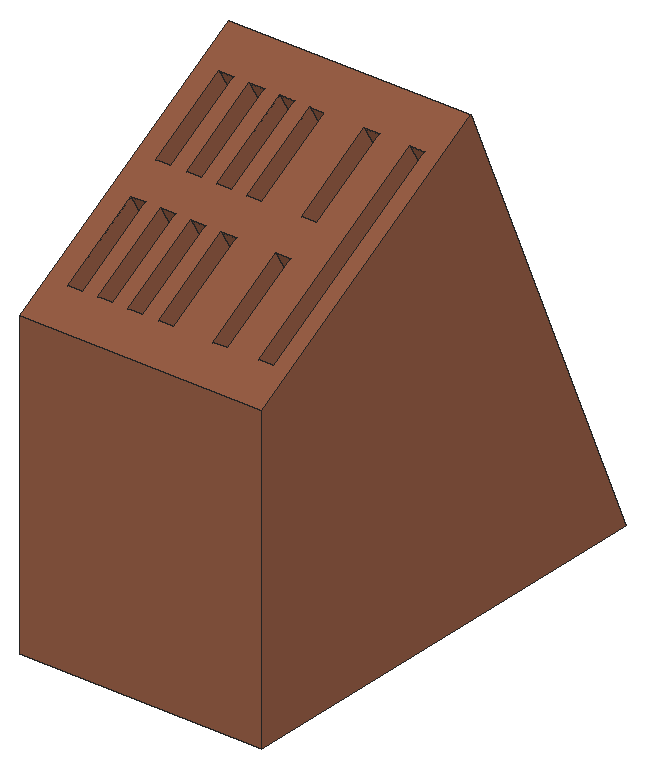
Revit family
Reference planes (in)
  plane 1 "Center (Front/Back)": y = 0
  plane 2: z = 0.02843
  plane 3 "Center (Left/Right)": x = 0
Forms (in)
  Extrusion 1, solid, material "Default Light Source"
    sketch origin (0, 0, 0) x (0, 1, 0) y (0, 0, 1)
      loop
        line (4.31568, 7.52009) -> (0, 5.02843) -> (0, 0.02843) -> (7.52639, 0.02843) -> (4.31568, 7.52009)
    from 0 to 4
  Extrusion 2, void
    sketch origin (0, 0, 5.02843) x (0, -0.866025, -0.5) y (-1, 0, 0)
      loop
        line (-4.26577, -0.33731) -> (-4.26577, -0.58731) -> (-2.76577, -0.58731) -> (-2.76577, -0.33731) -> (-4.26577, -0.33731)
      loop
        line (-2.15386, -0.33731) -> (-2.15386, -0.58731) -> (-0.65386, -0.58731) -> (-0.65386, -0.33731) -> (-2.15386, -0.33731)
      loop
        line (-4.26577, -0.83731) -> (-4.26577, -1.08731) -> (-2.76577, -1.08731) -> (-2.76577, -0.83731) -> (-4.26577, -0.83731)
      loop
        line (-2.15386, -0.83731) -> (-2.15386, -1.08731) -> (-0.65386, -1.08731) -> (-0.65386, -0.83731) -> (-2.15386, -0.83731)
      loop
        line (-4.26577, -1.33731) -> (-4.26577, -1.58731) -> (-2.76577, -1.58731) -> (-2.76577, -1.33731) -> (-4.26577, -1.33731)
      loop
        line (-2.15386, -1.33731) -> (-2.15386, -1.58731) -> (-0.65386, -1.58731) -> (-0.65386, -1.33731) -> (-2.15386, -1.33731)
      loop
        line (-4.26577, -1.83731) -> (-4.26577, -2.08731) -> (-2.76577, -2.08731) -> (-2.76577, -1.83731) -> (-4.26577, -1.83731)
      loop
        line (-2.15386, -1.83731) -> (-2.15386, -2.08731) -> (-0.65386, -2.08731) -> (-0.65386, -1.83731) -> (-2.15386, -1.83731)
      loop
        line (-4.26577, -2.74053) -> (-4.26577, -2.99053) -> (-2.76577, -2.99053) -> (-2.76577, -2.74053) -> (-4.26577, -2.74053)
      loop
        line (-2.15386, -2.74053) -> (-2.15386, -2.99053) -> (-0.65386, -2.99053) -> (-0.65386, -2.74053) -> (-2.15386, -2.74053)
      loop
        line (-4.26577, -3.49053) -> (-4.26577, -3.74053) -> (-0.65386, -3.74053) -> (-0.65386, -3.49053) -> (-4.26577, -3.49053)
    from 0 to 5
Cuts and joins
  Extrusion 2 cuts Extrusion 1
Lines and regions (in)
  model lines
    curve 1: line (0, 0, 0.02843) -> (0, 7.1326, 0.02843)
